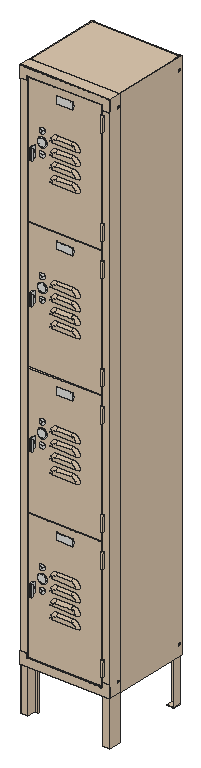
Revit family "Metal_Lockers-Salsbury_Industries-64000_Series-1_Wide_Units", category Specialty Equipment, Revit 2016
Family settings
  Part Type = Normal
  Round Connector Dimension = Use Diameter
  OmniClass Number = 23.40.00.00
  OmniClass Title = Equipment and Furnishings
  Work Plane-Based = No
  Always vertical = Yes
  Cut with Voids When Loaded = No
  Shared = No
  Room Calculation Point = No
Parameters (values of type "64162 - with Standard 6" High Legs")
  Zee Base Corner - Right Side [instance] = Metal Locker Zee Base Corner : None
  Zee Base Corner - Left Side [instance] = Metal Locker Zee Base Corner : None
  Zee Base - Right Side [instance] = Metal Locker Zee Base-Right Side : None
  Zee Base - Left Side [instance] = Metal Locker Zee Base-Left Side : None
  Zee Base = Metal Locker Zee Base : None
  Width = 12.040"
  Version = "2.0 (06/30/17)"
  Unit Height including Sloping Hood Only [instance] = 78.625"
  Unit Height = 72.000"
  URL = "www.lockers.com"
  Type Comments = "Standard Metal Locker - Four Tier"
  Total Door(s) Height [instance] = 69.81949"
  Sloping Top In-Line Filler - Right Side [instance] = Metal Locker Sloping Top Filler : None
  Sloping Top In-Line Filler - Left Side [instance] = Metal Locker Sloping Top Filler : None
  Sloping Top Corner Filler - Right Side [instance] = Metal Locker Sloping Corner Filler : None
  Sloping Top Corner Filler - Left Side [instance] = Metal Locker Sloping Corner Filler : None
  Sloping Hood Height = if(Depth = 12.010", 6.625", if(Depth = 15.010", 8.682", if(Depth = 18.010", 10.739", 0.000")))  # 6.625"
  Sloping Hood [instance] = Metal Locker Sloping Hood : None
  Right Side Base [instance] = Metal Locker Right Side Base : None
  Primary Structure Material [instance] = Paint - Salsbury Finish - Tan
  Overall Width including Rivets [instance] = 12.120"
  Unit Height including Base Only [instance] = 78.000"
  Overall Unit Height (including Base and Sloping Hood) [instance] = 84.625"
  OmniClass 23 Title = "Equipment and Furnishings"
  OmniClass 23 Number = "23.40.00.00"
  Model = "64162"
  MasterFormat Title = "Lockers"
  MasterFormat Number = "10 51 13"
  Manufacturer = "Salsbury Industries"
  Left Side Base [instance] = Metal Locker Left Side Base : None
  Individual Door Height = 17.360"
  Hasp Plate Rivet Material = Steel -Salsbury Finish - Polished Steel
  Hasp Handle Material = Plastic - Salsbury Finish - Black
  Front Vertical Filler - Right [instance] = Metal Locker Front Filler : None
  Front Vertical Filler - Left [instance] = Metal Locker Front Filler : None
  Front Base [instance] = Metal Locker Front Base : None
  Flat Top In-Line Filler - Right Side [instance] = Metal Locker Flat Top Filler : None
  Flat Top In-Line Filler - Left Side [instance] = Metal Locker Flat Top Filler : None
  Flat Top Corner Filler - Right Side [instance] = Metal Locker Flat Corner Filler : None
  Flat Top Corner Filler - Left Side [instance] = Metal Locker Flat Corner Filler : None
  Individual Door Width [instance] = 9.90055"
  End Panel - Right Side [instance] = Metal Locker End Panel : None
  End Panel - Left Side [instance] = Metal Locker End Panel : None
  Door Location D1 = Metal Locker Doors-12 inch with Latch Hasps : Four Tier Door - 6 foot
  Description = "1 Wide - 6 Feet High - 12 Inches Deep"
  Depth = 12.010"
  Compartment Divider Height = Individual Door Height - 0.375"  # 16.985"
  Base Height = 6.000"
  Standard Leg Base = Metal Locker Legs : 6" High - 12" W x 12" D
  Assembly Code = "C1030310"
Reference planes (in)
  plane 1 "Center (Front/Back)": y = 0
  plane 2: z = 0
  plane 3 "Center (Left/Right)": x = 0
  plane 4 "Floor": z = 0
  plane 5 "Bottom of Unit": z = 6
  plane 6 "Top of Unit": z = 78
  plane 7 "Left Side of Unit": x = -6.02
  plane 8 "Right Side of Unit": x = 6.02
  plane 9 "Back of Unit": y = 6.005
  plane 10 "Front of Unit": y = -6.005
  plane 11 "Top of Sloping Hood": z = 84.625
  plane 12 "Left Rivet": x = -6.06
  plane 13 "Right Rivet": x = 6.06
  plane 14 "Right Side of Door Opening": x = 5.02
  plane 15 "Left Side of Door Opening": x = -5.02
  plane 16 "Top of Door Opening": z = 77
  plane 17 "Bottom of Door Opening": z = 7
  plane 18 "Back Edge of Front Facing": y = -4.417
  plane 19 "Front Plate Plane": y = -6.065
  plane 20 "Horizontal Center of Top Rivets": z = 76.5
  plane 21 "Horiz Center of Bottom Rivets": z = 7.5
  plane 22 "Vertical Center of Back Rivets": y = 5.505
  plane 23 "Vertical Center of Front Rivets": y = -4.755
  plane 24 "Right Align Top Filler Overlap": x = 5.435
  plane 25 "Left Align Top Filler Overlap": x = -5.435
  plane 26 "Corner Filler Align-Left": x = -6.08
  plane 27 "Corner Filler Align-Right": x = 6.08
  plane 28 "Left Side of Door": x = -4.95029
  plane 29 "Right Side of Door": x = 4.95026
  plane 30 "Top of Door 1": z = 76.90976
  plane 31 "Bottom of Bottom Door": z = 7.09027
  plane 32 "Zee Base Offset": x = -5.669
  plane 33: x = 5.669
  plane 34 "Compartment Align 3": z = 24.985
  plane 35: x = -5.96
  plane 36: x = 5.96
  plane 37: x = -5.635
  plane 38: x = 5.635
  plane 39: y = 5.945
  plane 40: y = 5.895
  plane 41: y = 5.145
  plane 42: x = -5.9
  plane 43: x = 5.9
  plane 44: x = -5.095
  plane 45: x = 5.095
  plane 46: z = 77.94
  plane 47: z = 24.925
  plane 48: z = 23.985
  plane 49: z = 6.9204
  plane 50: z = 6.18539
  plane 51: z = 76.40796
  plane 52: z = 7.59204
  plane 53: z = 23.985
  plane 54: z = 24.45027
  plane 55: z = 24.57576
  plane 56: z = 41.93576
  plane 57: z = 42.06276
  plane 58: z = 41.43527
  plane 59: z = 42.37527
  plane 60 "Compartment Align 2": z = 42.43527
  plane 61: z = 53.72076
  plane 62: z = 59.42276
  plane 63: z = 59.54976
  plane 64: z = 58.92076
  plane 65: z = 59.86076
  plane 66 "Compartment Align 1": z = 59.92076
  plane 67: z = 71.20625
Forms (in)
  Sweep 1, solid, material "Paint - Salsbury Finish - Tan" <- "Primary Structure Material"
    path origin (0, -6.005, 0) x (1, 0, 0) y (0, 0, 1)
      loop
        line (-6.02, 78) -> (-6.02, 6) -> (6.02, 6) -> (6.02, 78) -> (-6.02, 78)
    profile origin (0, -6.005, 78) x (0, 0, 1) y (0, -1, 0)
      loop
        line (0, 0) -> (-1, 0) -> (-1, -1.588) -> (0, -1.588) -> (0, 0)
  Extrusion 2, solid, material "Paint - Salsbury Finish - Tan" <- "Primary Structure Material"
    sketch origin (0, 0, 6) x (0, -1, 0) y (1, 0, 0)
      loop
        line (4.417, 6.02) -> (-6.005, 6.02) -> (-6.005, 5.635) -> (-5.945, 5.635) -> (-5.945, 5.96) -> (4.417, 5.96) -> (4.417, 6.02)
    from 0 to 72
  Extrusion 3, solid, material "Paint - Salsbury Finish - Tan" <- "Primary Structure Material"
    sketch origin (0, 0, 6) x (0, -1, 0) y (1, 0, 0)
      loop
        line (4.417, -6.02) -> (4.417, -5.96) -> (-5.945, -5.96) -> (-5.945, -5.635) -> (-6.005, -5.635) -> (-6.005, -6.02) -> (4.417, -6.02)
    from 0 to 72
  Extrusion 4, solid, material "Paint - Salsbury Finish - Tan" <- "Primary Structure Material"
    sketch origin (0, 0, 6) x (0, -1, 0) y (1, 0, 0)
      loop
        line (-5.945, -5.96) -> (-5.145, -5.96) -> (-5.145, -5.9) -> (-5.895, -5.9) -> (-5.895, 5.9) -> (-5.145, 5.9) -> (-5.145, 5.96) -> (-5.945, 5.96) -> (-5.945, -5.96)
    from 0 to 72
  Sweep 5, solid, material "Paint - Salsbury Finish - Tan" <- "Primary Structure Material"
    path origin (0, 0, 7) x (0, -1, 0) y (1, 0, 0)
      loop
        line (4.417, -5.96) -> (4.417, 5.96) -> (-5.145, 5.96) -> (-5.145, 5.9) -> (-5.895, 5.9) -> (-5.895, -5.9) -> (-5.145, -5.9) -> (-5.145, -5.96) -> (4.417, -5.96)
    profile origin (-5.96, 0.364, 7) x (-1, 0, 0) y (0, 0, 1)
      loop
        line (0, -0.81461) -> (0, -0.0796) -> (-0.06, -0.0796) -> (-0.06, -0.81461) -> (0, -0.81461)
  Extrusion 6, solid, material "Paint - Salsbury Finish - Tan" <- "Primary Structure Material"
    sketch origin (0, 0, 7) x (0, -1, 0) y (1, 0, 0)
      loop
        line (-5.895, -5.9) -> (-5.145, -5.9) -> (-5.145, -5.96) -> (4.417, -5.96) -> (4.417, 5.96) -> (-5.145, 5.96) -> (-5.145, 5.9) -> (-5.895, 5.9) -> (-5.895, -5.9)
    from -0.0796 to 0
  Extrusion 7, solid, material "Paint - Salsbury Finish - Tan" <- "Primary Structure Material"
    sketch origin (0, 0, 78) x (0, -1, 0) y (1, 0, 0)
      loop
        line (-5.895, -5.9) -> (-5.145, -5.9) -> (-5.145, -5.96) -> (4.417, -5.96) -> (4.417, 5.96) -> (-5.145, 5.96) -> (-5.145, 5.9) -> (-5.895, 5.9) -> (-5.895, -5.9)
    from -0.06 to 0
  Extrusion 8, solid, material "Paint - Salsbury Finish - Tan" <- "Primary Structure Material"
    sketch origin (0, -6.065, 0) x (0, 0, -1) y (1, 0, 0)
      loop
        line (-78, -6.02) -> (-76.47656, -6.02)
        arc (-76.47656, -6.02) -> (-76.42806, -5.99991) -> (-76.40796, -5.9514) r 0.0686
        line (-76.40796, -5.9514) -> (-76.40796, -5.16351)
        arc (-76.40796, -5.16351) -> (-76.42809, -5.11506) -> (-76.47656, -5.095) r 0.0686
        line (-76.47656, -5.095) -> (-77, -5.095) -> (-77, 5.095) -> (-76.47656, 5.095)
        arc (-76.47656, 5.095) -> (-76.42809, 5.11506) -> (-76.40796, 5.16351) r 0.0686
        line (-76.40796, 5.16351) -> (-76.40796, 5.9514)
        arc (-76.40796, 5.9514) -> (-76.42806, 5.99991) -> (-76.47656, 6.02) r 0.0686
        line (-76.47656, 6.02) -> (-78, 6.02) -> (-78, -6.02)
    from -0.06 to 0
  Extrusion 9, solid, material "Paint - Salsbury Finish - Tan" <- "Primary Structure Material"
    sketch origin (0, -6.065, 84) x (0, 0, 1) y (-1, 0, 0)
      loop
        line (-78, 6.02) -> (-78, -6.02) -> (-76.47656, -6.02)
        arc (-76.47656, -6.02) -> (-76.42806, -5.99991) -> (-76.40796, -5.9514) r 0.0686
        line (-76.40796, -5.9514) -> (-76.40796, -5.16351)
        arc (-76.40796, -5.16351) -> (-76.42809, -5.11506) -> (-76.47656, -5.095) r 0.0686
        line (-76.47656, -5.095) -> (-77, -5.095) -> (-77, 5.095) -> (-76.47656, 5.095)
        arc (-76.47656, 5.095) -> (-76.42809, 5.11506) -> (-76.40796, 5.16351) r 0.0686
        line (-76.40796, 5.16351) -> (-76.40796, 5.9514)
        arc (-76.40796, 5.9514) -> (-76.42806, 5.99991) -> (-76.47656, 6.02) r 0.0686
        line (-76.47656, 6.02) -> (-78, 6.02)
    from -0.06 to 0
  Blend 10, solid, material "Steel -Salsbury Finish - Polished Steel" <- "Hasp Plate Rivet Material"
    base sketch origin (6.02, 0, 0) x (0, 0, -1) y (0, -1, 0)
      loop
        circle (-76.5, 4.755) r 0.187
    top sketch origin (6.02, 0, 0) x (0, 0, -1) y (0, -1, 0)
      loop
        circle (-76.5, 4.755) r 0.05319
    from 0 to -0.04
  Blend 11, solid, material "Steel -Salsbury Finish - Polished Steel" <- "Hasp Plate Rivet Material"
    base sketch origin (6.02, 0, -69) x (0, 0, -1) y (0, -1, 0)
      loop
        circle (-76.5, 4.755) r 0.187
    top sketch origin (6.02, 0, -69) x (0, 0, -1) y (0, -1, 0)
      loop
        circle (-76.5, 4.755) r 0.05319
    from 0 to -0.04
  Blend 12, solid, material "Steel -Salsbury Finish - Polished Steel" <- "Hasp Plate Rivet Material"
    base sketch origin (6.02, 10.26, -69) x (0, 0, -1) y (0, -1, 0)
      loop
        circle (-76.5, 4.755) r 0.187
    top sketch origin (6.02, 10.26, -69) x (0, 0, -1) y (0, -1, 0)
      loop
        circle (-76.5, 4.755) r 0.05319
    from 0 to -0.04
  Blend 13, solid, material "Steel -Salsbury Finish - Polished Steel" <- "Hasp Plate Rivet Material"
    base sketch origin (6.02, 10.26, 0.0043) x (0, 0, -1) y (0, -1, 0)
      loop
        circle (-76.5, 4.755) r 0.187
    top sketch origin (6.02, 10.26, 0.0043) x (0, 0, -1) y (0, -1, 0)
      loop
        circle (-76.5, 4.755) r 0.05319
    from 0 to -0.04
  Blend 14, solid, material "Steel -Salsbury Finish - Polished Steel" <- "Hasp Plate Rivet Material"
    base sketch origin (-6.02, 0, -69) x (0, 0, -1) y (0, 1, 0)
      loop
        circle (-76.5, -4.755) r 0.187
    top sketch origin (-6.02, 0, -69) x (0, 0, -1) y (0, 1, 0)
      loop
        circle (-76.5, -4.755) r 0.05319
    from 0 to -0.04
  Blend 15, solid, material "Steel -Salsbury Finish - Polished Steel" <- "Hasp Plate Rivet Material"
    base sketch origin (-6.02, 10.26, -69) x (0, 0, -1) y (0, 1, 0)
      loop
        circle (-76.5, -4.755) r 0.187
    top sketch origin (-6.02, 10.26, -69) x (0, 0, -1) y (0, 1, 0)
      loop
        circle (-76.5, -4.755) r 0.05319
    from 0 to -0.04
  Blend 16, solid, material "Steel -Salsbury Finish - Polished Steel" <- "Hasp Plate Rivet Material"
    base sketch origin (-6.02, 0, 0) x (0, 0, -1) y (0, 1, 0)
      loop
        circle (-76.5, -4.755) r 0.187
    top sketch origin (-6.02, 0, 0) x (0, 0, -1) y (0, 1, 0)
      loop
        circle (-76.5, -4.755) r 0.05319
    from 0 to -0.04
  Blend 17, solid, material "Steel -Salsbury Finish - Polished Steel" <- "Hasp Plate Rivet Material"
    base sketch origin (-6.02, 10.26, 0.00039) x (0, 0, -1) y (0, 1, 0)
      loop
        circle (-76.5, -4.755) r 0.187
    top sketch origin (-6.02, 10.26, 0.00039) x (0, 0, -1) y (0, 1, 0)
      loop
        circle (-76.5, -4.755) r 0.05319
    from 0 to -0.04
  Extrusion 18, solid, material "Paint - Salsbury Finish - Tan" <- "Primary Structure Material"
    sketch origin (0, 0, 24.985) x (0, -1, 0) y (1, 0, 0)
      loop
        line (-5.895, -5.9) -> (-5.145, -5.9) -> (-5.145, -5.96) -> (4.417, -5.96) -> (4.417, 5.96) -> (-5.145, 5.96) -> (-5.145, 5.9) -> (-5.895, 5.9) -> (-5.895, -5.9)
    from -0.06 to 0
  Sweep 19, solid, material "Paint - Salsbury Finish - Tan" <- "Primary Structure Material"
    path origin (0, 0, 24.985) x (0, -1, 0) y (1, 0, 0)
      loop
        line (4.417, -5.96) -> (4.417, 5.96) -> (-5.145, 5.96) -> (-5.145, 5.9) -> (-5.895, 5.9) -> (-5.895, -5.9) -> (-5.145, -5.9) -> (-5.145, -5.96) -> (4.417, -5.96)
    profile origin (-5.96, 0.364, 24.985) x (-1, 0, 0) y (0, 0, 1)
      loop
        line (0, -1) -> (0, -0.06) -> (-0.06, -0.06) -> (-0.06, -1) -> (0, -1)
  Extrusion 20, solid, material "Paint - Salsbury Finish - Tan" <- "Primary Structure Material"
    sketch origin (0, 0, 54.72076) x (0, -1, 0) y (1, 0, 0)
      loop
        line (-5.895, -5.9) -> (-5.145, -5.9) -> (-5.145, -5.96) -> (4.417, -5.96) -> (4.417, 5.96) -> (-5.145, 5.96) -> (-5.145, 5.9) -> (-5.895, 5.9) -> (-5.895, -5.9)
    from -12.34549 to -12.28549
  Sweep 21, solid, material "Paint - Salsbury Finish - Tan" <- "Primary Structure Material"
    path origin (0, 0, 42.43527) x (0, -1, 0) y (1, 0, 0)
      loop
        line (4.417, -5.96) -> (4.417, 5.96) -> (-5.145, 5.96) -> (-5.145, 5.9) -> (-5.895, 5.9) -> (-5.895, -5.9) -> (-5.145, -5.9) -> (-5.145, -5.96) -> (4.417, -5.96)
    profile origin (-5.96, 0.364, 42.43527) x (-1, 0, 0) y (0, 0, 1)
      loop
        line (0, -1) -> (0, -0.06) -> (-0.06, -0.06) -> (-0.06, -1) -> (0, -1)
  Extrusion 22, solid, material "Paint - Salsbury Finish - Tan" <- "Primary Structure Material"
    sketch origin (0, 0, 59.92076) x (0, -1, 0) y (1, 0, 0)
      loop
        line (-5.895, -5.9) -> (-5.145, -5.9) -> (-5.145, -5.96) -> (4.417, -5.96) -> (4.417, 5.96) -> (-5.145, 5.96) -> (-5.145, 5.9) -> (-5.895, 5.9) -> (-5.895, -5.9)
    from -0.06 to 0
  Sweep 23, solid, material "Paint - Salsbury Finish - Tan" <- "Primary Structure Material"
    path origin (0, 0, 59.92076) x (0, -1, 0) y (1, 0, 0)
      loop
        line (4.417, -5.96) -> (4.417, 5.96) -> (-5.145, 5.96) -> (-5.145, 5.9) -> (-5.895, 5.9) -> (-5.895, -5.9) -> (-5.145, -5.9) -> (-5.145, -5.96) -> (4.417, -5.96)
    profile origin (-5.96, 0.364, 59.92076) x (-1, 0, 0) y (0, 0, 1)
      loop
        line (0, -1) -> (0, -0.06) -> (-0.06, -0.06) -> (-0.06, -1) -> (0, -1)
Lines and regions (in)
  reference lines
    curve 1: line (-29.59242, -6.065, 78) -> (36.15758, -6.065, 78)
  symbolic lines
    curve 2: line (-6.02, 6.005, 78) -> (6.02, 6.005, 78)
    curve 3: line (-6.02, -6.065, 78) -> (-6.02, 6.005, 78)
    curve 4: line (6.02, -6.065, 78) -> (-6.02, -6.065, 78)
    curve 5: line (6.02, 6.005, 78) -> (6.02, -6.065, 78)
    curve 6: line (-6.06, -4.80819, 78) -> (-6.02, -4.91809, 78)
    curve 7: line (-6.02, -4.58043, 78) -> (-6.06, -4.70181, 78)
    curve 8: line (-6.06, -4.80819, 78) -> (-6.06, -4.70181, 78)
    curve 9: line (-6.06, 5.45181, 78) -> (-6.02, 5.31077, 78)
    curve 10: line (-6.06, 5.55819, 78) -> (-6.02, 5.68474, 78)
    curve 11: line (-6.06, 5.55819, 78) -> (-6.06, 5.45181, 78)
    curve 12: line (6.06, 5.55819, 78) -> (6.02, 5.70747, 78)
    curve 13: line (6.06, 5.45181, 78) -> (6.02, 5.3179, 78)
    curve 14: line (6.06, 5.55819, 78) -> (6.06, 5.45181, 78)
    curve 15: line (6.06, -4.70181, 78) -> (6.02, -4.57098, 78)
    curve 16: line (6.06, -4.80819, 78) -> (6.02, -4.94769, 78)
    curve 17: line (6.06, -4.70181, 78) -> (6.06, -4.80819, 78)
Dimensions and locks (in)
  equal spacing: plane 7 "Left Side of Unit", plane 3 "Center (Left/Right)", plane 8 "Right Side of Unit"
  "Width": plane 7 "Left Side of Unit" to plane 8 "Right Side of Unit"
  "Base Height": plane 5 "Bottom of Unit" to plane 4 "Floor"
  "Unit Height": plane 6 "Top of Unit" to plane 5 "Bottom of Unit"
  "Unit Height including Base Only": plane 6 "Top of Unit" to plane 4 "Floor"
  equal spacing: plane 10 "Front of Unit", plane 1 "Center (Front/Back)", plane 9 "Back of Unit"
  "Depth": plane 10 "Front of Unit" to plane 9 "Back of Unit"
  "Sloping Hood Height": plane 11 "Top of Sloping Hood" to plane 6 "Top of Unit"
  "Overall Unit Height (including Base and Sloping Hood)": plane 11 "Top of Sloping Hood" to plane 4 "Floor"
  locked: plane 12 "Left Rivet" to plane 7 "Left Side of Unit" at 0.04
  locked: plane 8 "Right Side of Unit" to plane 13 "Right Rivet" at 0.04
  "Overall Width including Rivets": plane 12 "Left Rivet" to plane 13 "Right Rivet"
  plane 6 "Top of Unit" to plane 16 "Top of Door Opening" to plane 30 "Top of Door 1" to plane 51 = 1.000" locked, 0.09024", 0.5018"
  plane 52 to plane 31 "Bottom of Bottom Door" to plane 17 "Bottom of Door Opening" to plane 5 "Bottom of Unit" = 0.50177", 0.09027", 1.000" locked
  plane 7 "Left Side of Unit" to plane 15 "Left Side of Door Opening" to plane 28 "Left Side of Door" = 1.000" locked, 0.06971"
  plane 29 "Right Side of Door" to plane 14 "Right Side of Door Opening" to plane 8 "Right Side of Unit" = 0.06974", 1.000" locked
  plane 19 "Front Plate Plane" to plane 10 "Front of Unit" to plane 18 "Back Edge of Front Facing" = 0.060" locked, 1.588" locked
  "Unit Height including Sloping Hood Only": plane 11 "Top of Sloping Hood" to plane 5 "Bottom of Unit"
  locked: plane 20 "Horizontal Center of Top Rivets" to plane 6 "Top of Unit" at 1.5
  locked: plane 5 "Bottom of Unit" to plane 21 "Horiz Center of Bottom Rivets" at 1.5
  locked: plane 22 "Vertical Center of Back Rivets" to plane 9 "Back of Unit" at 0.5
  locked: plane 10 "Front of Unit" to plane 23 "Vertical Center of Front Rivets" at 1.25
  locked: plane 24 "Right Align Top Filler Overlap" to plane 13 "Right Rivet" at 0.625
  locked: plane 12 "Left Rivet" to plane 25 "Left Align Top Filler Overlap" at 0.625
  locked: plane 8 "Right Side of Unit" to plane 27 "Corner Filler Align-Right" at 0.06
  locked: plane 26 "Corner Filler Align-Left" to plane 7 "Left Side of Unit" at 0.06
  "Individual Door Width": plane 28 "Left Side of Door" to plane 29 "Right Side of Door"
  "Total Door(s) Height": plane 30 "Top of Door 1" to plane 31 "Bottom of Bottom Door"
  plane 7 "Left Side of Unit" to plane 32 "Zee Base Offset" = 0.351"
  plane 33 to plane 8 "Right Side of Unit" = 0.351"
  plane 34 "Compartment Align 3" to plane 47 to plane 53 = 0.060" locked, 0.940" locked
  plane 7 "Left Side of Unit" to plane 35 to plane 42 to plane 37 = 0.060" locked, 0.060" locked, 0.265" locked
  plane 38 to plane 43 to plane 36 to plane 8 "Right Side of Unit" = 0.265" locked, 0.060", 0.060"
  plane 41 to plane 40 to plane 39 to plane 9 "Back of Unit" = 0.750" locked, 0.050", 0.060"
  locked: plane 7 "Left Side of Unit" to plane 44 at 0.925
  locked: plane 45 to plane 8 "Right Side of Unit" at 0.925
  locked: plane 6 "Top of Unit" to plane 46 at 0.06
  plane 47 to plane 48 = 0.940"
  locked: plane 17 "Bottom of Door Opening" to plane 49 at 0.0796
  plane 49 to plane 50 = 0.73501"
  "Compartment Divider Height": plane 53 to plane 17 "Bottom of Door Opening"
  "Individual Door Height": plane 54 to plane 31 "Bottom of Bottom Door"
  locked: plane 55 to plane 54 at 0.12549
  locked: plane 57 to plane 56 at 0.127
  "Individual Door Height": plane 56 to plane 55
  plane 60 "Compartment Align 2" to plane 59 to plane 58 = 0.060" locked, 0.940" locked
  locked: plane 63 to plane 62 at 0.127
  "Individual Door Height": plane 62 to plane 57
  "Compartment Divider Height": plane 58 to plane 54
  "Compartment Divider Height": plane 64 to plane 56
  plane 66 "Compartment Align 1" to plane 65 to plane 64 = 0.060", 0.940"
  aligned and locked: level to plane 2
  aligned and locked: Extrusion 2 to plane 6 "Top of Unit"
  aligned and locked: Extrusion 3 to plane 6 "Top of Unit"
  aligned and locked: Extrusion 4 to plane 6 "Top of Unit"
  aligned and locked: Extrusion 8 to plane 10 "Front of Unit"
  aligned and locked: Extrusion 9 to plane 10 "Front of Unit"
  aligned and locked: Extrusion 6 to plane 17 "Bottom of Door Opening"
  aligned and locked: plane 4 "Floor" to nested 2
  aligned and locked: plane 5 "Bottom of Unit" to Extrusion 9
  aligned and locked: plane 8 "Right Side of Unit" to nested 6
  aligned and locked: plane 7 "Left Side of Unit" to nested 7
  aligned and locked: Blend 10 to plane 13 "Right Rivet"
  aligned and locked: plane 8 "Right Side of Unit" to Blend 10
  aligned and locked: Blend 15 to plane 7 "Left Side of Unit"
  aligned and locked: Blend 14 to plane 7 "Left Side of Unit"  (x2)
  aligned and locked: plane 12 "Left Rivet" to Blend 14
  aligned and locked: plane 12 "Left Rivet" to Blend 15
  aligned and locked: Blend 14 to plane 12 "Left Rivet"
  aligned and locked: Blend 17 to plane 7 "Left Side of Unit"
  aligned and locked: plane 12 "Left Rivet" to Blend 17
  aligned and locked: Blend 16 to plane 7 "Left Side of Unit"
  aligned and locked: plane 12 "Left Rivet" to Blend 16
  aligned and locked: plane 5 "Bottom of Unit" to nested 10
  aligned and locked: plane 13 "Right Rivet" to nested 10
  aligned and locked: plane 12 "Left Rivet" to nested 11
  aligned and locked: nested 11 to plane 10 "Front of Unit"
  aligned and locked: plane 13 "Right Rivet" to nested 12
  aligned and locked: plane 10 "Front of Unit" to nested 12
  aligned and locked: plane 6 "Top of Unit" to nested 12
  aligned and locked: plane 12 "Left Rivet" to nested 13
  aligned and locked: plane 10 "Front of Unit" to nested 13
  aligned and locked: plane 6 "Top of Unit" to nested 13
  aligned and locked: plane 6 "Top of Unit" to nested 14
  aligned and locked: nested 14 to plane 19 "Front Plate Plane"
  aligned and locked: nested 14 to plane 24 "Right Align Top Filler Overlap"
  aligned and locked: nested 15 to plane 25 "Left Align Top Filler Overlap"
  aligned and locked: nested 15 to plane 19 "Front Plate Plane"
  aligned and locked: nested 10 to nested 15
  aligned and locked: plane 19 "Front Plate Plane" to nested 16
  aligned and locked: plane 6 "Top of Unit" to nested 16
  aligned and locked: nested 17 to plane 6 "Top of Unit"
  aligned and locked: nested 17 to plane 19 "Front Plate Plane"
  aligned and locked: plane 19 "Front Plate Plane" to nested 18
  aligned and locked: nested 19 to plane 24 "Right Align Top Filler Overlap"
  aligned and locked: nested 19 to plane 19 "Front Plate Plane"
  aligned and locked: plane 16 "Top of Door Opening" to nested 19
  aligned and locked: nested 20 to plane 16 "Top of Door Opening"
  aligned and locked: nested 20 to plane 25 "Left Align Top Filler Overlap"
  aligned and locked: nested 20 to plane 19 "Front Plate Plane"
  aligned and locked: nested 11 to plane 6 "Top of Unit"
  aligned and locked: plane 10 "Front of Unit" to nested 10
  aligned and locked: plane 10 "Front of Unit" to nested 23
  aligned and locked: plane 10 "Front of Unit" to nested 1
  aligned and locked: plane 10 "Front of Unit" to nested 2
  aligned and locked: plane 6 "Top of Unit" to nested 18
  aligned and locked: plane 7 "Left Side of Unit" to nested 17
  aligned and locked: plane 32 "Zee Base Offset" to nested 9
  aligned and locked: plane 18 "Back Edge of Front Facing" to nested 9
  aligned and locked: nested 8 to plane 18 "Back Edge of Front Facing"
  aligned and locked: plane 33 to nested 8
  aligned and locked: plane 8 "Right Side of Unit" to nested 21
  aligned and locked: nested 22 to plane 7 "Left Side of Unit"
  aligned and locked: nested 22 to curve 1
  aligned and locked: nested 21 to curve 1
  aligned and locked: Sweep 19 sketch curve to Extrusion 18
  aligned and locked: plane 7 "Left Side of Unit" to Extrusion 3
  aligned and locked: Extrusion 3 to plane 9 "Back of Unit"
  aligned and locked: Extrusion 2 to plane 8 "Right Side of Unit"
  aligned and locked: Extrusion 2 to plane 9 "Back of Unit"
  aligned and locked: plane 18 "Back Edge of Front Facing" to Extrusion 3
  aligned and locked: plane 18 "Back Edge of Front Facing" to Extrusion 2
  aligned and locked: plane 35 to Extrusion 3
  aligned and locked: plane 36 to Extrusion 2
  aligned and locked: plane 37 to Extrusion 3
  aligned and locked: plane 38 to Extrusion 2
  aligned and locked: plane 39 to Extrusion 3
  aligned and locked: plane 39 to Extrusion 2
  aligned and locked: Extrusion 4 to plane 39
  aligned and locked: plane 40 to Extrusion 4
  aligned and locked: plane 35 to Extrusion 4
  aligned and locked: plane 41 to Extrusion 4  (x2)
  aligned and locked: plane 42 to Extrusion 4
  aligned and locked: plane 43 to Extrusion 4
  aligned and locked: Extrusion 7 to plane 40
  aligned and locked: plane 42 to Extrusion 7
  aligned and locked: plane 35 to Extrusion 7  (x2)
  aligned and locked: Extrusion 7 to plane 41  (x2)
  aligned and locked: Extrusion 7 to plane 43
  aligned and locked: Extrusion 7 to plane 36  (x2)
  aligned and locked: plane 18 "Back Edge of Front Facing" to Extrusion 7
  aligned and locked: plane 18 "Back Edge of Front Facing" to Extrusion 6
  aligned and locked: Extrusion 6 to plane 40
  aligned and locked: Extrusion 6 to plane 43
  aligned and locked: Extrusion 6 to plane 41  (x2)
  aligned and locked: Extrusion 6 to plane 36
  aligned and locked: plane 42 to Extrusion 6
  aligned and locked: plane 35 to Extrusion 6
  aligned and locked: Sweep 5 to plane 40
  aligned and locked: Sweep 5 to plane 41  (x2)
  aligned and locked: Sweep 5 to plane 43
  aligned and locked: Sweep 5 to plane 36
  aligned and locked: plane 18 "Back Edge of Front Facing" to Sweep 5
  aligned and locked: plane 35 to Sweep 5
  aligned and locked: plane 42 to Sweep 5
  aligned and locked: Sweep 5 sketch curve to plane 42
  aligned and locked: plane 40 to Sweep 5 sketch curve
  aligned and locked: plane 41 to Sweep 5 sketch curve  (x2)
  aligned and locked: Sweep 5 sketch curve to plane 35  (x2)
  aligned and locked: plane 43 to Sweep 5 sketch curve
  aligned and locked: plane 36 to Sweep 5 sketch curve
  aligned and locked: Sweep 5 sketch curve to plane 18 "Back Edge of Front Facing"
  aligned and locked: Extrusion 18 to plane 40
  aligned and locked: Extrusion 18 to plane 43
  aligned and locked: Extrusion 18 to plane 41  (x2)
  aligned and locked: Extrusion 18 to plane 36
  aligned and locked: plane 18 "Back Edge of Front Facing" to Extrusion 18
  aligned and locked: plane 35 to Extrusion 18
  aligned and locked: plane 42 to Extrusion 18
  aligned and locked: plane 40 to Sweep 19 sketch curve
  aligned and locked: plane 43 to Sweep 19 sketch curve
  aligned and locked: plane 41 to Sweep 19 sketch curve  (x2)
  aligned and locked: plane 36 to Sweep 19 sketch curve
  aligned and locked: Sweep 19 sketch curve to plane 18 "Back Edge of Front Facing"
  aligned and locked: Sweep 19 sketch curve to plane 35  (x2)
  aligned and locked: Sweep 19 sketch curve to plane 42
  aligned and locked: plane 6 "Top of Unit" to Sweep 1 sketch curve  (x2)
  aligned and locked: Sweep 1 sketch curve to plane 7 "Left Side of Unit"
  aligned and locked: plane 8 "Right Side of Unit" to Sweep 1 sketch curve
  aligned and locked: Sweep 1 sketch curve to plane 5 "Bottom of Unit"
  aligned and locked: plane 10 "Front of Unit" to Sweep 1
  aligned and locked: Extrusion 8 to plane 19 "Front Plate Plane"
  aligned and locked: plane 10 "Front of Unit" to Extrusion 8
  aligned and locked: Extrusion 8 to plane 8 "Right Side of Unit"
  aligned and locked: plane 7 "Left Side of Unit" to Extrusion 8
  aligned and locked: plane 7 "Left Side of Unit" to Extrusion 9
  aligned and locked: plane 19 "Front Plate Plane" to Extrusion 9
  aligned and locked: Extrusion 9 to plane 8 "Right Side of Unit"
  aligned and locked: plane 44 to Extrusion 9
  aligned and locked: plane 45 to Extrusion 9
  aligned and locked: plane 45 to Extrusion 8
  aligned and locked: Extrusion 8 to plane 44
  aligned and locked: plane 29 "Right Side of Door" to nested 23
  aligned and locked: plane 18 "Back Edge of Front Facing" to Sweep 1 sketch curve
  aligned and locked: Sweep 1 sketch curve to plane 16 "Top of Door Opening"
  aligned and locked: Sweep 1 sketch curve to plane 10 "Front of Unit"
  aligned and locked: plane 5 "Bottom of Unit" to Extrusion 4
  aligned and locked: Extrusion 4 to plane 36
  aligned and locked: plane 5 "Bottom of Unit" to Extrusion 3
  aligned and locked: plane 5 "Bottom of Unit" to Extrusion 2
  aligned and locked: Extrusion 7 to plane 6 "Top of Unit"
  aligned and locked: plane 46 to Extrusion 7
  aligned and locked: Extrusion 18 to plane 34 "Compartment Align 3"
  aligned and locked: plane 47 to Extrusion 18
  aligned and locked: plane 42 to Sweep 19 sketch curve
  aligned and locked: plane 48 to Sweep 19 sketch curve
  aligned and locked: plane 49 to Extrusion 6
  aligned and locked: Sweep 5 to plane 49
  aligned and locked: plane 50 to Sweep 5 sketch curve
  aligned and locked: plane 49 to Sweep 5 sketch curve
  aligned and locked: plane 42 to Sweep 5 sketch curve
  aligned and locked: plane 51 to Extrusion 8  (x2)
  aligned and locked: Extrusion 8 to plane 6 "Top of Unit"
  aligned and locked: plane 16 "Top of Door Opening" to Extrusion 8
  aligned and locked: Extrusion 9 to plane 17 "Bottom of Door Opening"
  aligned and locked: plane 52 to Extrusion 9
  aligned and locked: Extrusion 9 to plane 52
  aligned and locked: plane 4 "Floor" to nested 1
  aligned and locked: plane 8 "Right Side of Unit" to nested 1
  aligned and locked: Blend 12 to plane 13 "Right Rivet"
  aligned and locked: plane 8 "Right Side of Unit" to Blend 12
  aligned and locked: plane 8 "Right Side of Unit" to Blend 13
  aligned and locked: Blend 13 to plane 13 "Right Rivet"
  aligned and locked: plane 8 "Right Side of Unit" to Blend 11
  aligned and locked: Blend 11 to plane 13 "Right Rivet"
  aligned and locked: nested 22 to curve 3
  aligned and locked: curve 4 to Extrusion 8
  aligned and locked: curve 5 to Extrusion 8
  aligned and locked: curve 8 to Blend 14
  aligned and locked: curve 11 to Blend 15
  aligned and locked: curve 14 to Blend 12
  aligned and locked: curve 17 to Blend 10
  aligned and locked: plane 53 to Sweep 19
  aligned and locked: nested 23 to plane 31 "Bottom of Bottom Door"
  aligned and locked: plane 55 to nested 24
  aligned and locked: plane 10 "Front of Unit" to nested 24
  aligned and locked: plane 29 "Right Side of Door" to nested 24
  aligned and locked: plane 29 "Right Side of Door" to nested 25
  aligned and locked: nested 25 to plane 57
  aligned and locked: Sweep 21 sketch curve to Extrusion 20
  aligned and locked: Extrusion 20 to plane 60 "Compartment Align 2"
  aligned and locked: plane 59 to Sweep 21
  aligned and locked: Sweep 21 sketch curve to plane 58
  aligned and locked: Extrusion 20 sketch curve to plane 40
  aligned and locked: plane 35 to Extrusion 20 sketch curve
  aligned and locked: plane 42 to Extrusion 20 sketch curve
  aligned and locked: Extrusion 20 sketch curve to plane 41  (x2)
  aligned and locked: plane 18 "Back Edge of Front Facing" to Extrusion 20 sketch curve
  aligned and locked: Extrusion 20 sketch curve to plane 36
  aligned and locked: Extrusion 20 sketch curve to plane 43
  aligned and locked: plane 40 to Sweep 21 sketch curve
  aligned and locked: Sweep 21 sketch curve to plane 42
  aligned and locked: Sweep 21 sketch curve to plane 35
  aligned and locked: plane 41 to Sweep 21 sketch curve  (x2)
  aligned and locked: Sweep 21 sketch curve to plane 18 "Back Edge of Front Facing"
  aligned and locked: plane 36 to Sweep 21 sketch curve
  aligned and locked: plane 43 to Sweep 21 sketch curve
  aligned and locked: plane 63 to nested 26
  aligned and locked: plane 65 to Extrusion 22
  aligned and locked: Extrusion 22 to plane 66 "Compartment Align 1"
  aligned and locked: Sweep 23 sketch curve to plane 64
  aligned and locked: plane 65 to Sweep 23 sketch curve
  aligned and locked: Sweep 23 sketch curve to plane 35
  aligned and locked: plane 41 to Sweep 23 sketch curve  (x2)
  aligned and locked: Sweep 23 sketch curve to plane 42
  aligned and locked: plane 40 to Sweep 23 sketch curve
  aligned and locked: plane 43 to Sweep 23 sketch curve
  aligned and locked: plane 36 to Sweep 23 sketch curve
  aligned and locked: Sweep 23 sketch curve to plane 18 "Back Edge of Front Facing"
  aligned and locked: Extrusion 22 to nested 5  (x3)
  aligned and locked: Extrusion 22 to plane 41  (x2)
  aligned and locked: Extrusion 22 to Sweep 23  (x2)
  aligned and locked: plane 18 "Back Edge of Front Facing" to Extrusion 22
  aligned and locked: plane 29 "Right Side of Door" to nested 26
  aligned and locked: plane 10 "Front of Unit" to nested 26
  aligned and locked: plane 10 "Front of Unit" to nested 25
  aligned and locked: plane 9 "Back of Unit" to curve 2
Automatic sketch dimensions
  Extrusion 2 sketch curve to plane 8 "Right Side of Unit" = 0.000"
  plane 9 "Back of Unit" to Extrusion 2 sketch curve = 0.000"
  Extrusion 2 sketch curve to plane 38 = 0.000"
  plane 39 to Extrusion 2 sketch curve = 0.000"
  plane 18 "Back Edge of Front Facing" to Extrusion 2 sketch curve = 0.000"
  Extrusion 2 sketch curve to plane 36 = 0.000"
  Extrusion 3 sketch curve to plane 7 "Left Side of Unit" = 0.000"
  plane 9 "Back of Unit" to Extrusion 3 sketch curve = 0.000"
  Extrusion 3 sketch curve to plane 37 = 0.000"
  plane 39 to Extrusion 3 sketch curve = 0.000"
  plane 18 "Back Edge of Front Facing" to Extrusion 3 sketch curve = 0.000"
  Extrusion 3 sketch curve to plane 35 = 0.000"
  Extrusion 4 sketch curve to plane 35 = 0.000"
  plane 39 to Extrusion 4 sketch curve = 0.000"
  plane 40 to Extrusion 4 sketch curve = 0.000"
  plane 41 to Extrusion 4 sketch curve = 0.000"  (x2)
  Extrusion 4 sketch curve to plane 42 = 0.000"
  Extrusion 4 sketch curve to plane 43 = 0.000"
  Extrusion 4 sketch curve to plane 36 = 0.000"
  plane 40 to Extrusion 6 sketch curve = 0.000"
  Extrusion 6 sketch curve to plane 35 = 0.000"
  plane 41 to Extrusion 6 sketch curve = 0.000"  (x2)
  plane 18 "Back Edge of Front Facing" to Extrusion 6 sketch curve = 0.000"
  Extrusion 6 sketch curve to plane 42 = 0.000"
  Extrusion 6 sketch curve to plane 43 = 0.000"
  Extrusion 6 sketch curve to plane 36 = 0.000"
  plane 40 to Extrusion 7 sketch curve = 0.000"
  Extrusion 7 sketch curve to plane 35 = 0.000"
  plane 41 to Extrusion 7 sketch curve = 0.000"  (x2)
  plane 18 "Back Edge of Front Facing" to Extrusion 7 sketch curve = 0.000"
  Extrusion 7 sketch curve to plane 42 = 0.000"
  Extrusion 7 sketch curve to plane 43 = 0.000"
  Extrusion 7 sketch curve to plane 36 = 0.000"
  Extrusion 8 sketch curve to plane 6 "Top of Unit" = 0.000"
  Extrusion 8 sketch curve to plane 16 "Top of Door Opening" = 0.000"
  plane 44 to Extrusion 8 sketch curve = 0.000"
  plane 7 "Left Side of Unit" to Extrusion 8 sketch curve = 0.000"
  plane 45 to Extrusion 8 sketch curve = 0.000"
  plane 8 "Right Side of Unit" to Extrusion 8 sketch curve = 0.000"
  Extrusion 8 sketch curve to plane 51 = 0.000"  (x2)
  plane 20 "Horizontal Center of Top Rivets" to Extrusion 8 sketch curve = 0.02344"  (x4)
  Extrusion 8 sketch curve to Extrusion 8 sketch curve = 0.0686"
  Extrusion 8 sketch curve to plane 45 = 0.06851"
  Extrusion 9 sketch curve to plane 5 "Bottom of Unit" = 0.000"
  Extrusion 9 sketch curve to plane 17 "Bottom of Door Opening" = 0.000"
  plane 44 to Extrusion 9 sketch curve = 0.000"
  plane 7 "Left Side of Unit" to Extrusion 9 sketch curve = 0.000"
  plane 45 to Extrusion 9 sketch curve = 0.000"
  plane 8 "Right Side of Unit" to Extrusion 9 sketch curve = 0.000"
  Extrusion 9 sketch curve to plane 52 = 0.000"  (x2)
  plane 21 "Horiz Center of Bottom Rivets" to Extrusion 9 sketch curve = 0.02344"  (x4)
  Extrusion 9 sketch curve to Extrusion 9 sketch curve = 0.0686"
  plane 45 to Extrusion 9 sketch curve = 0.06851"
  plane 20 "Horizontal Center of Top Rivets" to Blend 10 sketch curve = 0.000"  (x2)
  Blend 10 sketch curve to plane 23 "Vertical Center of Front Rivets" = 0.000"  (x2)
  plane 21 "Horiz Center of Bottom Rivets" to Blend 11 sketch curve = 0.000"  (x2)
  Blend 11 sketch curve to plane 23 "Vertical Center of Front Rivets" = 0.000"  (x2)
  plane 21 "Horiz Center of Bottom Rivets" to Blend 12 sketch curve = 0.000"  (x2)
  Blend 12 sketch curve to plane 22 "Vertical Center of Back Rivets" = 0.000"  (x2)
  Blend 13 sketch curve to plane 22 "Vertical Center of Back Rivets" = 0.000"  (x2)
  Blend 13 sketch curve to plane 20 "Horizontal Center of Top Rivets" = 0.0043"  (x2)
  plane 21 "Horiz Center of Bottom Rivets" to Blend 14 sketch curve = 0.000"  (x2)
  Blend 14 sketch curve to plane 23 "Vertical Center of Front Rivets" = 0.000"  (x2)
  plane 21 "Horiz Center of Bottom Rivets" to Blend 15 sketch curve = 0.000"  (x2)
  Blend 15 sketch curve to plane 22 "Vertical Center of Back Rivets" = 0.000"  (x2)
  plane 20 "Horizontal Center of Top Rivets" to Blend 16 sketch curve = 0.000"  (x2)
  Blend 16 sketch curve to plane 23 "Vertical Center of Front Rivets" = 0.000"  (x2)
  Blend 17 sketch curve to plane 22 "Vertical Center of Back Rivets" = 0.000"  (x2)
  Blend 17 sketch curve to plane 20 "Horizontal Center of Top Rivets" = 0.00039"  (x2)
  plane 19 "Front Plate Plane" to curve 1 = 0.000"
  plane 26 "Corner Filler Align-Left" to curve 1 = 23.51242"
  curve 1 to plane 27 "Corner Filler Align-Right" = 30.07758"
  plane 40 to Extrusion 18 sketch curve = 0.000"
  Extrusion 18 sketch curve to plane 35 = 0.000"
  plane 41 to Extrusion 18 sketch curve = 0.000"  (x2)
  plane 18 "Back Edge of Front Facing" to Extrusion 18 sketch curve = 0.000"
  Extrusion 18 sketch curve to plane 42 = 0.000"
  Extrusion 18 sketch curve to plane 43 = 0.000"
  Extrusion 18 sketch curve to plane 36 = 0.000"
  Sweep 21 sketch curve to profile plane = 0.000"
  Sweep 21 sketch curve to Sweep 21 sketch curve = 0.060"
  Sweep 23 sketch curve to profile plane = 0.000"
  Sweep 23 sketch curve to Sweep 23 sketch curve = 0.060"
  plane 40 to Extrusion 22 sketch curve = 0.000"
  Extrusion 22 sketch curve to plane 35 = 0.000"
  plane 41 to Extrusion 22 sketch curve = 0.000"  (x2)
  Extrusion 22 sketch curve to plane 18 "Back Edge of Front Facing" = 0.000"
  Extrusion 22 sketch curve to plane 42 = 0.000"
  plane 43 to Extrusion 22 sketch curve = 0.000"
  plane 36 to Extrusion 22 sketch curve = 0.000"
  curve 11 to plane 22 "Vertical Center of Back Rivets" = 0.05319"
  curve 14 to plane 22 "Vertical Center of Back Rivets" = 0.05319"
  plane 22 "Vertical Center of Back Rivets" to curve 9 = 0.05319"
  plane 22 "Vertical Center of Back Rivets" to curve 13 = 0.05319"
  curve 17 to plane 23 "Vertical Center of Front Rivets" = 0.05319"
  curve 8 to plane 23 "Vertical Center of Front Rivets" = 0.05319"
  plane 23 "Vertical Center of Front Rivets" to curve 8 = 0.05319"
  plane 23 "Vertical Center of Front Rivets" to curve 17 = 0.05319"
  curve 12 to curve 12 = 0.14928"
  curve 10 to curve 10 = 0.12655"
  curve 13 to curve 13 = 0.13391"
  curve 9 to curve 9 = 0.14104"
  curve 15 to curve 15 = 0.13083"
  curve 7 to curve 7 = 0.12138"
  curve 6 to curve 6 = 0.1099"
  curve 16 to curve 16 = 0.1395"
  radius of Blend 10 sketch curve = 0.187"
  radius of Blend 10 sketch curve = 0.05319"
  radius of Blend 11 sketch curve = 0.187"
  radius of Blend 11 sketch curve = 0.05319"
  radius of Blend 12 sketch curve = 0.187"
  radius of Blend 12 sketch curve = 0.05319"
  radius of Blend 13 sketch curve = 0.187"
  radius of Blend 13 sketch curve = 0.05319"
  radius of Blend 14 sketch curve = 0.187"
  radius of Blend 14 sketch curve = 0.05319"
  radius of Blend 15 sketch curve = 0.187"
  radius of Blend 15 sketch curve = 0.05319"
  radius of Blend 16 sketch curve = 0.187"
  radius of Blend 16 sketch curve = 0.05319"
  radius of Blend 17 sketch curve = 0.187"
  radius of Blend 17 sketch curve = 0.05319"
Nested families (in)
  nested 1: "Metal Locker Legs" at (0, 0, 0), type <- "Standard Leg Base", type "6" High - 12" W x 12" D"
  nested 2: "Metal Locker Front Base" at (0, 0, 0), type <- "Front Base", type "None"
  nested 3: "Metal Locker Right Side Base" at (0, 0.794, 0), type <- "Right Side Base", type "None"
  nested 4: "Metal Locker Left Side Base" at (-10.79, 0.794, 0), type <- "Left Side Base", type "None"
  nested 5: "Metal Locker Zee Base" at (0, 0, 0), type <- "Zee Base", type "None"
  nested 6: "Metal Locker Zee Base-Right Side" at (0.03, 0.824, 0), type <- "Zee Base - Right Side", type "None"
  nested 7: "Metal Locker Zee Base-Left Side" at (-8.01, 0.824, 0), type <- "Zee Base - Left Side", type "None"
  nested 8: "Metal Locker Zee Base Corner" at (6.669, -5.417, 0), type <- "Zee Base Corner - Right Side", type "None"
  nested 9: "Metal Locker Zee Base Corner" at (-6.669, -5.417, 0) x (-1, 0, 0) z (0, 0, 1), type <- "Zee Base Corner - Left Side", type "None"
  nested 10: "Metal Locker End Panel" at (10.1925, 2.167, 6), type <- "End Panel - Right Side", type "None"
  nested 11: "Metal Locker End Panel" at (-10.1925, 2.167, 6) x (-1, 0, 0) z (0, 0, 1), type <- "End Panel - Left Side", type "None"
  nested 12: "Metal Locker Front Filler" at (18.155, -3.088, 0), type <- "Front Vertical Filler - Right", type "None"
  nested 13: "Metal Locker Front Filler" at (-8.965, -3.088, 0), type <- "Front Vertical Filler - Left", type "None"
  nested 14: "Metal Locker Flat Top Filler" at (18.155, 2.113, 77.045), type <- "Flat Top In-Line Filler - Right Side", type "None"
  nested 15: "Metal Locker Flat Top Filler" at (-8.965, 2.113, 77.045), type <- "Flat Top In-Line Filler - Left Side", type "None"
  nested 16: "Metal Locker Flat Corner Filler" at (16.3025, 1.7895, 78), type <- "Flat Top Corner Filler - Right Side", type "None"
  nested 17: "Metal Locker Flat Corner Filler" at (-16.3025, 1.7895, 78) x (-1, 0, 0) z (0, 0, 1), type <- "Flat Top Corner Filler - Left Side", type "None"
  nested 18: "Metal Locker Sloping Hood" at (4.595, 2.137, 78), type <- "Sloping Hood", type "None"
  nested 19: "Metal Locker Sloping Top Filler" at (18.155, 2.113, 78.028), type <- "Sloping Top In-Line Filler - Right Side", type "None"
  nested 20: "Metal Locker Sloping Top Filler" at (-8.965, 2.113, 78.028), type <- "Sloping Top In-Line Filler - Left Side", type "None"
  nested 21: "Metal Locker Sloping Corner Filler" at (13.9095, -4.9375, 77.71202) x (0, -1, 0) z (0, 0, 1), type <- "Sloping Top Corner Filler - Right Side", type "None"
  nested 22: "Metal Locker Sloping Corner Filler" at (-7.1475, 1.8245, 77.71223), type <- "Sloping Top Corner Filler - Left Side", type "None"
  nested 23: "Metal Locker Doors-12 inch with Latch Hasps" at (-0.00024, -5.555, 7.09027), type <- "Door Location D1", type "Four Tier Door - 6 foot"
  nested 24: "Metal Locker Doors-12 inch with Latch Hasps" at (-0.00024, -5.555, 24.57576), type <- "Door Location D1", type "Four Tier Door - 6 foot"
  nested 25: "Metal Locker Doors-12 inch with Latch Hasps" at (-0.00024, -5.555, 42.06276), type <- "Door Location D1", type "Four Tier Door - 6 foot"
  nested 26: "Metal Locker Doors-12 inch with Latch Hasps" at (-0.00024, -5.555, 59.54976), type <- "Door Location D1", type "Four Tier Door - 6 foot"
Definition of nested family "Metal Locker Legs"
  Parameters (values of type "6" High - 12"W x 18"D - Bridge")
    Width = 12.007"
    Visible = yes
    Version = "1.0 (11/30/15)"
    Type Comments = "Standard Metal Locker Legs - Bridge"
    Primary Structure Material = none
    Model = "n/a"
    MasterFormat Title = ""
    MasterFormat Number = ""
    Manufacturer = "Salsbury Industries"
    Description = "12\"W x 6\" H x 18\"D"
    Depth = 18.010"
    Height = 6.000"
    Assembly Code = ""
  Types (7): name | Width | Visible | Type Comments | Description | Depth
    6" High - 12" W x 12" D | 12.040" | yes | "Standard Metal Locker Legs" | "12\"W x 6\" H x 12\"D" | 12.010"
    6" High - 12" W x 15" D | 12.040" | yes | "Standard Metal Locker Legs" | "12\"W x 6\" H x 15\"D" | 15.010"
    6" High - 12"W x 18"D | 12.040" | yes | "Standard Metal Locker Legs" | "12\"W x 6\" H x 18\"D" | 18.010"
    6" High - 15"W x 15"D | 15.040" | yes | "Standard Metal Locker Legs" | "15\"W x 6\" H x 15\"D" | 15.010"
    6" High - 15"W x 18"D | 15.040" | yes | "Standard Metal Locker Legs" | "15\"W x 6\" H x 18\"D" | 18.010"
    No Legs | 12.040" | no | "No Legs" | "" | 12.010"
    6" High - 12"W x 18"D - Bridge | 12.007" | yes | "Standard Metal Locker Legs - Bridge" | "12\"W x 6\" H x 18\"D" | 18.010"
  Reference planes (in)
    plane 1 "Center (Front/Back)": y = 0
    plane 2: z = 0
    plane 3 "Center (Left/Right)": x = 0
    plane 4 "Floor": z = 0
    plane 5 "Bottom of Unit": z = 6
    plane 6 "Left Side of Unit": x = -6.0035
    plane 7 "Right Side of Unit": x = 6.0035
    plane 8 "Back of Unit": y = 9.005
    plane 9 "Front of Unit": y = -9.005
    plane 10 "Right Side of Door Opening": x = 5.0035
    plane 11 "Left Side of Door Opening": x = -5.0035
    plane 12 "Top of back legs": z = 6.185
    plane 13 "Back Edge of Front Facing": y = -7.417
    plane 14 "Inside Edge of Front Leg": x = -4.5635
    plane 15 "Inside Edge of Right Leg": x = 4.5635
    plane 16: y = -7.82
    plane 17 "Back Edge of Rear Legs": y = 8.895
    plane 18 "Right Edge of Rear Right Leg": x = 5.8835
    plane 19 "Left Edge or Rear Left Leg": x = -5.8835
    plane 20: y = 7.895
    plane 21 "Inside Edge or Rear Right Leg": x = 4.8835
    plane 22 "Inside Edge or Left Rear Leg": x = -4.8835
  Forms (in)
    Extrusion 1, solid, material <- "Primary Structure Material", visible <- "Visible"
      sketch origin (0, 0, 0) x (0, -1, 0) y (1, 0, 0)
        loop
          line (7.417, 6.0035) -> (7.417, 5.9435) -> (8.945, 5.9435) -> (8.945, 5.0635) -> (7.76, 5.0635) -> (7.76, 4.5635) -> (7.82, 4.5635) -> (7.82, 5.0035) -> (9.005, 5.0035) -> (9.005, 6.0035) -> (7.417, 6.0035)
      from 0 to 6
    Extrusion 2, solid, material <- "Primary Structure Material", visible <- "Visible"
      sketch origin (0, 0, 0) x (0, -1, 0) y (1, 0, 0)
        loop
          line (7.417, -6.0035) -> (9.005, -6.0035) -> (9.005, -5.0035) -> (7.82, -5.0035) -> (7.82, -4.5635) -> (7.76, -4.5635) -> (7.76, -5.0635) -> (8.945, -5.0635) -> (8.945, -5.9435) -> (7.417, -5.9435) -> (7.417, -6.0035)
      from 0 to 6
    Extrusion 3, solid, material <- "Primary Structure Material", visible <- "Visible"
      sketch origin (0, 0, 0) x (0, -1, 0) y (1, 0, 0)
        loop
          line (-8.895, 5.8835) -> (-8.895, 4.8835) -> (-8.835, 4.8835) -> (-8.835, 5.8235) -> (-7.895, 5.8235) -> (-7.895, 5.8835) -> (-8.895, 5.8835)
      from 0.06 to 6.185
    Extrusion 4, solid, material <- "Primary Structure Material", visible <- "Visible"
      sketch origin (0, 0, 0) x (0, -1, 0) y (1, 0, 0)
        loop
          line (-8.895, 5.8835) -> (-8.895, 4.8835) -> (-7.895, 4.8835) -> (-7.895, 5.8835) -> (-8.895, 5.8835)
      from 0 to 0.06
    Extrusion 5, solid, material <- "Primary Structure Material", visible <- "Visible"
      sketch origin (0, 0, 0) x (0, -1, 0) y (1, 0, 0)
        loop
          line (-8.895, -5.8835) -> (-7.895, -5.8835) -> (-7.895, -5.8235) -> (-8.835, -5.8235) -> (-8.835, -4.8835) -> (-8.895, -4.8835) -> (-8.895, -5.8835)
      from 0.06 to 6.185
    Extrusion 6, solid, material <- "Primary Structure Material", visible <- "Visible"
      sketch origin (0, 0, 0) x (0, -1, 0) y (1, 0, 0)
        loop
          line (-8.895, -5.8835) -> (-7.895, -5.8835) -> (-7.895, -4.8835) -> (-8.895, -4.8835) -> (-8.895, -5.8835)
      from 0 to 0.06
  Dimensions and locks (in)
    equal spacing: plane 6 "Left Side of Unit", plane 3 "Center (Left/Right)", plane 7 "Right Side of Unit"
    "Width": plane 6 "Left Side of Unit" to plane 7 "Right Side of Unit"
    "Height": plane 5 "Bottom of Unit" to plane 4 "Floor"
    equal spacing: plane 9 "Front of Unit", plane 1 "Center (Front/Back)", plane 8 "Back of Unit"
    "Depth": plane 9 "Front of Unit" to plane 8 "Back of Unit"
    plane 12 "Top of back legs" to plane 5 "Bottom of Unit" = 0.185"
    plane 6 "Left Side of Unit" to plane 11 "Left Side of Door Opening" = 1.000"
    plane 10 "Right Side of Door Opening" to plane 7 "Right Side of Unit" = 1.000"
    locked: plane 9 "Front of Unit" to plane 13 "Back Edge of Front Facing" at 1.588
    plane 11 "Left Side of Door Opening" to plane 14 "Inside Edge of Front Leg" = 0.440"
    plane 15 "Inside Edge of Right Leg" to plane 10 "Right Side of Door Opening" = 0.440"
    plane 9 "Front of Unit" to plane 16 = 1.185"
    plane 15 "Inside Edge of Right Leg" to plane 21 "Inside Edge or Rear Right Leg" to plane 10 "Right Side of Door Opening" to plane 18 "Right Edge of Rear Right Leg" to plane 7 "Right Side of Unit" = 0.320", 0.120", 0.880", 0.120"
    plane 6 "Left Side of Unit" to plane 19 "Left Edge or Rear Left Leg" to plane 11 "Left Side of Door Opening" to plane 22 "Inside Edge or Left Rear Leg" to plane 14 "Inside Edge of Front Leg" = 0.120", 0.880", 0.120", 0.320"
    plane 20 to plane 17 "Back Edge of Rear Legs" to plane 8 "Back of Unit" = 1.000", 0.110"
    aligned and locked: level to plane 2
    aligned and locked: Extrusion 3 to Extrusion 4
    aligned and locked: Extrusion 6 to Extrusion 5
    aligned and locked: Extrusion 3 to plane 18 "Right Edge of Rear Right Leg"
    aligned and locked: Extrusion 3 to plane 17 "Back Edge of Rear Legs"
    aligned and locked: Extrusion 5 to plane 19 "Left Edge or Rear Left Leg"
    aligned and locked: Extrusion 5 to plane 17 "Back Edge of Rear Legs"
    aligned and locked: Extrusion 2 to plane 5 "Bottom of Unit"
    aligned and locked: Extrusion 1 to plane 5 "Bottom of Unit"
    aligned and locked: Extrusion 3 to plane 12 "Top of back legs"
    aligned and locked: Extrusion 5 to plane 12 "Top of back legs"
  Automatic sketch dimensions
    plane 13 "Back Edge of Front Facing" to Extrusion 1 sketch curve = 0.000"
    Extrusion 1 sketch curve to plane 15 "Inside Edge of Right Leg" = 0.000"
    plane 16 to Extrusion 1 sketch curve = 0.000"
    Extrusion 1 sketch curve to plane 7 "Right Side of Unit" = 0.000"
    plane 9 "Front of Unit" to Extrusion 1 sketch curve = 0.000"
    Extrusion 1 sketch curve to plane 10 "Right Side of Door Opening" = 0.000"
    Extrusion 1 sketch curve to plane 16 = 0.060"
    Extrusion 1 sketch curve to plane 9 "Front of Unit" = 0.060"
    Extrusion 1 sketch curve to plane 10 "Right Side of Door Opening" = 0.060"
    plane 7 "Right Side of Unit" to Extrusion 1 sketch curve = 0.060"
    plane 13 "Back Edge of Front Facing" to Extrusion 2 sketch curve = 0.000"
    Extrusion 2 sketch curve to plane 14 "Inside Edge of Front Leg" = 0.000"
    plane 16 to Extrusion 2 sketch curve = 0.000"
    Extrusion 2 sketch curve to plane 6 "Left Side of Unit" = 0.000"
    plane 9 "Front of Unit" to Extrusion 2 sketch curve = 0.000"
    Extrusion 2 sketch curve to plane 11 "Left Side of Door Opening" = 0.000"
    plane 16 to Extrusion 2 sketch curve = 0.060"
    plane 9 "Front of Unit" to Extrusion 2 sketch curve = 0.060"
    Extrusion 2 sketch curve to plane 11 "Left Side of Door Opening" = 0.060"
    plane 6 "Left Side of Unit" to Extrusion 2 sketch curve = 0.060"
    plane 17 "Back Edge of Rear Legs" to Extrusion 3 sketch curve = 0.000"
    Extrusion 3 sketch curve to plane 21 "Inside Edge or Rear Right Leg" = 0.000"
    Extrusion 3 sketch curve to plane 18 "Right Edge of Rear Right Leg" = 0.000"
    plane 20 to Extrusion 3 sketch curve = 0.000"
    plane 17 "Back Edge of Rear Legs" to Extrusion 3 sketch curve = 0.060"
    plane 18 "Right Edge of Rear Right Leg" to Extrusion 3 sketch curve = 0.060"
    plane 17 "Back Edge of Rear Legs" to Extrusion 4 sketch curve = 0.000"
    Extrusion 4 sketch curve to plane 18 "Right Edge of Rear Right Leg" = 0.000"
    plane 20 to Extrusion 4 sketch curve = 0.000"
    Extrusion 4 sketch curve to plane 21 "Inside Edge or Rear Right Leg" = 0.000"
    plane 17 "Back Edge of Rear Legs" to Extrusion 5 sketch curve = 0.000"
    Extrusion 5 sketch curve to plane 22 "Inside Edge or Left Rear Leg" = 0.000"
    Extrusion 5 sketch curve to plane 19 "Left Edge or Rear Left Leg" = 0.000"
    plane 20 to Extrusion 5 sketch curve = 0.000"
    Extrusion 5 sketch curve to plane 17 "Back Edge of Rear Legs" = 0.060"
    Extrusion 5 sketch curve to plane 19 "Left Edge or Rear Left Leg" = 0.060"
    plane 17 "Back Edge of Rear Legs" to Extrusion 6 sketch curve = 0.000"
    Extrusion 6 sketch curve to plane 19 "Left Edge or Rear Left Leg" = 0.000"
    plane 20 to Extrusion 6 sketch curve = 0.000"
    Extrusion 6 sketch curve to plane 22 "Inside Edge or Left Rear Leg" = 0.000"
Definition of nested family "Metal Locker Doors-12 inch with Latch Hasps"
  Parameters (values of type "Four Tier Door - 5 foot")
    Width = 9.901"
    Visible = yes
    Primary Structure Material = none
    Louver Set Vertical Alignment = 4.240"
    Number Plate Alignment = 0.9375"
    Louver Width = 4.000"
    Hinge 2 Placement = 11.142"
    Hinge 1 Placement = 1.125"
    Height = 14.360"
    Hasp Plate Rivet Material = none
    Hasp Height = 1.438"
    Depth = 0.900"
  Types (4): name | Louver Set Vertical Alignment | Hinge 2 Placement | Height
    Four Tier Door - 6 foot | 5.710" | 14.142" | 17.360"
    Four Tier Door - 5 foot | 4.240" | 11.142" | 14.360"
    Five Tier Door - 5 foot | 2.826" | 8.188" | 11.463"
    Six Tier Door - 6 foot | 2.731" | 8.449" | 11.532"
  Reference planes (in)
    plane 1 "Center (Front/Back)": y = 0
    plane 2 "Bottom of Door": z = 0
    plane 3 "Center (Left/Right)": x = 0
    plane 4 "Center (Top/Bottom)": z = 7.18
    plane 5 "Top of Door": z = 14.36
    plane 6 "Right Side of Door": x = 4.9505
    plane 7 "Left Side of Door": x = -4.9505
    plane 8 "Front of Door": y = -0.45
    plane 9 "Back of Door": y = 0.45
    plane 10 "Top of Number Plate": z = 13.4225
    plane 11 "Top of Top Vent 1": z = 10.12
    plane 12 "Top of Top Vent 2": z = 8.495
    plane 13 "Top of Top Vent 3": z = 6.87
    plane 14 "Top of Top Vent 4": z = 5.245
    plane 15 "Top of Hasp Alignment": z = 7.899
    plane 16 "Bottom of Hasp Alignment": z = 6.461
    plane 17 "Left Side of Louvers": x = -2
    plane 18 "Right Side of Louvers": x = 2
    plane 19 "Front of Louvers": y = -0.6375
    plane 20: x = -1.094
    plane 21: x = 1.094
    plane 22: z = 12.4225
    plane 23 "Center Hasp": x = -1.7755
    plane 24 "Top of Hinge 2": z = 3.218
    plane 25 "Top of Hinge 1": z = 13.235
    plane 26 "Left Hasp Hole Align": x = -4.263
    plane 27 "Right Hasp Hole Align": x = -4.013
    plane 28 "Center Hasp Stud Align": z = 8.59841
    plane 29 "Top Hasp Stud Align": z = 10.01682
    plane 30 "Vertical Hasp Stud Align": x = -3.076
    plane 31: z = 9.12
    plane 32: z = 7.495
    plane 33: z = 5.87
    plane 34: z = 4.245
    plane 35 "Vertical Center Hasp Align": x = -4.13777
  Forms (in)
    Extrusion 1, solid, material <- "Primary Structure Material", visible <- "Visible"
      sketch origin (0, 0, 0) x (1, 0, 0) y (0, 0, 1)
        loop
          line (-4.9505, 14.36) -> (-4.9505, 0) -> (4.9505, 0) -> (4.9505, 14.36) -> (-4.9505, 14.36)
      from -0.45 to 0.45
    Extrusion 2, solid, material <- "Hasp Plate Rivet Material", visible <- "Visible", detail levels medium+fine
      sketch origin (0, -0.45, 0) x (1, 0, 0) y (0, 0, 1)
        loop
          arc (-1.06847, 13.38695) -> (-1.10166, 12.92421) -> (-1.06847, 12.46147) r 3.2426
          arc (-1.06847, 12.46147) -> (0, 12.42272) -> (1.06847, 12.46147) r 14.75
          arc (1.06847, 12.46147) -> (1.10166, 12.92421) -> (1.06847, 13.38695) r 3.2426
          arc (1.06847, 13.38695) -> (0, 13.41967) -> (-1.06847, 13.38695) r 17.45921
      from 0 to 0.03497
    Extrusion 3, void
      sketch origin (-1.7755, -0.13281, 0.04687) x (0, 0, -1) y (0, -1, 0)
        loop
          circle (-6.76177, -0.16411) r 0.2
      from -0.163 to 0.163
    Extrusion 4, solid, material <- "Primary Structure Material", visible <- "Visible", detail levels medium+fine
      sketch origin (0, 0, 13.235) x (0, -1, 0) y (1, 0, 0)
        loop
          line (0.45, 4.9505) -> (0.575, 4.9505)
          arc (0.575, 4.9505) -> (0.7, 5.0755) -> (0.575, 5.2005) r 0.125
          line (0.575, 5.2005) -> (0.45, 5.2005) -> (0.45, 4.9505)
      from 0 to -2
    Extrusion 5, solid, material <- "Primary Structure Material", visible <- "Visible"
      sketch origin (0, 0, 3.218) x (0, -1, 0) y (1, 0, 0)
        loop
          line (0.45, 4.9505) -> (0.575, 4.9505)
          arc (0.575, 4.9505) -> (0.7, 5.0755) -> (0.575, 5.2005) r 0.125
          line (0.575, 5.2005) -> (0.45, 5.2005) -> (0.45, 4.9505)
      from 0 to -2
    Extrusion 6, void
      sketch origin (0, -0.45, 0) x (1, 0, 0) y (0, 0, 1)
        loop
          line (-4.263, 7.899) -> (-4.263, 6.461) -> (-4.013, 6.461) -> (-4.013, 7.899) -> (-4.263, 7.899)
      from -0.9 to 0
    Blend 7, solid, material <- "Primary Structure Material", visible <- "Visible"
      base sketch origin (0.875, -0.45, 1.527) x (1, 0, 0) y (0, 0, 1)
        loop
          line (-2.875, 7.593) -> (1.125, 7.593)
          arc (1.125, 7.593) -> (0.83211, 8.30011) -> (0.125, 8.593) r 1
          line (0.125, 8.593) -> (-1.875, 8.593)
          arc (-1.875, 8.593) -> (-2.58211, 8.30011) -> (-2.875, 7.593) r 1
      top sketch origin (0.875, -0.6375, 1.527) x (1, 0, 0) y (0, 0, 1)
        loop
          line (-2.44242, 7.593) -> (0.69242, 7.593)
          arc (0.69242, 7.593) -> (0.52766, 7.99075) -> (0.12992, 8.1555) r 0.5625
